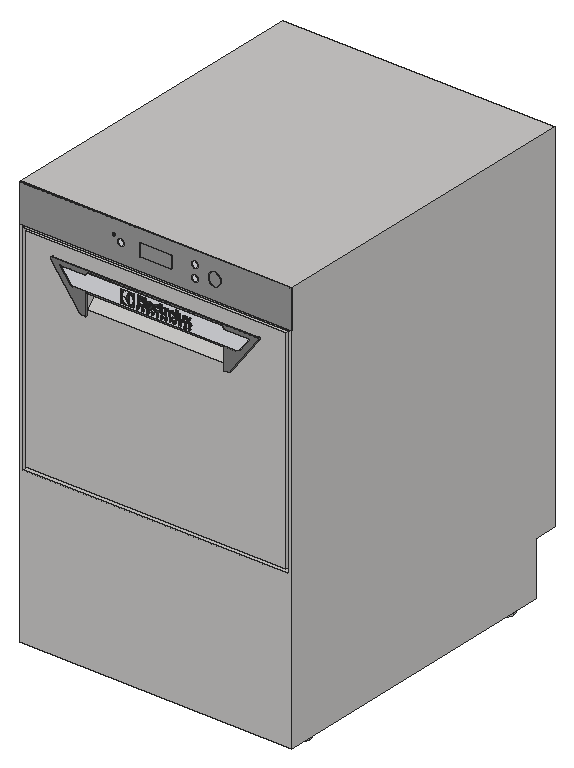
Revit family "QF_ELECTROLUXPROFESSIONAL_402188_ETGWSG1S", category Attrezzature speciali, Revit 2021 (continued)
Automatic sketch dimensions
  Extrusion 10 sketch curve to Extrusion 10 sketch curve = 0.427 mm  (x2)
  Extrusion 10 sketch curve to Extrusion 10 sketch curve = 2.809 mm
  Extrusion 10 sketch curve to plane 8 = 119.648 mm  (x2)
  Extrusion 10 sketch curve to Extrusion 10 sketch curve = 0.99 mm  (x4)
  Extrusion 10 sketch curve to plane 8 = 120.138 mm  (x2)
  Extrusion 10 sketch curve to Extrusion 10 sketch curve = 0.782 mm  (x3)
  Extrusion 10 sketch curve to Extrusion 10 sketch curve = 0.126 mm  (x2)
  Extrusion 10 sketch curve to Extrusion 10 sketch curve = 1.389 mm  (x2)
  Extrusion 10 sketch curve to plane 8 = 111.695 mm
  Extrusion 10 sketch curve to Extrusion 10 sketch curve = 2.039 mm
  Extrusion 10 sketch curve to Extrusion 10 sketch curve = 2.048 mm
  Extrusion 10 sketch curve to Extrusion 10 sketch curve = 2.085 mm
  Extrusion 10 sketch curve to Extrusion 10 sketch curve = 0.724 mm
  Extrusion 10 sketch curve to plane 8 = 113.977 mm
  Extrusion 10 sketch curve to Extrusion 10 sketch curve = 1.046 mm
  Extrusion 10 sketch curve to Extrusion 10 sketch curve = 2.251 mm
  Extrusion 10 sketch curve to Extrusion 10 sketch curve = 0.003 mm
  Extrusion 10 sketch curve to plane 8 = 109.679 mm
  Extrusion 10 sketch curve to Extrusion 10 sketch curve = 2.475 mm
  Extrusion 10 sketch curve to plane 8 = 105.048 mm
  Extrusion 10 sketch curve to Extrusion 10 sketch curve = 4.018 mm
  Extrusion 10 sketch curve to plane 8 = 112.517 mm
  Extrusion 10 sketch curve to Extrusion 10 sketch curve = 1.543 mm
  Extrusion 10 sketch curve to plane 8 = 110.92 mm
  Extrusion 10 sketch curve to Extrusion 10 sketch curve = 1.535 mm  (x2)
  Extrusion 10 sketch curve to plane 8 = 106.646 mm
  Extrusion 10 sketch curve to Extrusion 10 sketch curve = 3.932 mm
  Extrusion 10 sketch curve to Extrusion 10 sketch curve = 0.048 mm
  Extrusion 10 sketch curve to Extrusion 10 sketch curve = 0.138 mm
  Extrusion 10 sketch curve to Extrusion 10 sketch curve = 1.402 mm
  Extrusion 10 sketch curve to Extrusion 10 sketch curve = 0.206 mm  (x2)
  Extrusion 10 sketch curve to Extrusion 10 sketch curve = 2.128 mm
  Extrusion 10 sketch curve to plane 8 = 105.505 mm
  Extrusion 10 sketch curve to Extrusion 10 sketch curve = 2.656 mm  (x2)
  Extrusion 10 sketch curve to plane 8 = 103.243 mm
  Extrusion 10 sketch curve to plane 8 = 112.061 mm
  Extrusion 10 sketch curve to plane 8 = 114.323 mm
  Extrusion 10 sketch curve to plane 8 = 108.783 mm  (x2)
  Extrusion 10 sketch curve to Extrusion 10 sketch curve = 3.216 mm
  Extrusion 10 sketch curve to Extrusion 10 sketch curve = 4.222 mm
  Extrusion 10 sketch curve to Extrusion 10 sketch curve = 0.18 mm
  Extrusion 10 sketch curve to Extrusion 10 sketch curve = 2.469 mm
  Extrusion 10 sketch curve to plane 8 = 108.555 mm
  Extrusion 10 sketch curve to Extrusion 10 sketch curve = 1.28 mm
  Extrusion 10 sketch curve to Extrusion 10 sketch curve = 0.041 mm  (x2)
  Extrusion 10 sketch curve to Extrusion 10 sketch curve = 1.873 mm
  Extrusion 10 sketch curve to plane 8 = 112.414 mm
  Extrusion 10 sketch curve to Extrusion 10 sketch curve = 0.664 mm
  Extrusion 10 sketch curve to plane 8 = 110.961 mm
  Extrusion 10 sketch curve to plane 8 = 107.683 mm
  Extrusion 10 sketch curve to Extrusion 10 sketch curve = 2.531 mm
  Extrusion 10 sketch curve to plane 8 = 112.165 mm
  Extrusion 10 sketch curve to Extrusion 10 sketch curve = 2.822 mm
  Extrusion 10 sketch curve to plane 8 = 114.281 mm
  Extrusion 10 sketch curve to Extrusion 10 sketch curve = 0.083 mm
  Extrusion 10 sketch curve to plane 8 = 103.285 mm
  Extrusion 10 sketch curve to Extrusion 10 sketch curve = 2.635 mm
  Extrusion 10 sketch curve to plane 8 = 105.401 mm
  Extrusion 10 sketch curve to Extrusion 10 sketch curve = 2.946 mm  (x2)
  Extrusion 10 sketch curve to Extrusion 10 sketch curve = 0.062 mm
  Extrusion 10 sketch curve to plane 8 = 108.846 mm
  Extrusion 10 sketch curve to Extrusion 10 sketch curve = 2.511 mm
  Extrusion 10 sketch curve to Extrusion 10 sketch curve = 7.106 mm
  Extrusion 10 sketch curve to Extrusion 10 sketch curve = 6.354 mm
  Extrusion 10 sketch curve to Extrusion 10 sketch curve = 2.478 mm
  Extrusion 10 sketch curve to Extrusion 10 sketch curve = 1.161 mm
  Extrusion 10 sketch curve to plane 8 = 119.3 mm
  Extrusion 10 sketch curve to Extrusion 10 sketch curve = 0.033 mm
  Extrusion 10 sketch curve to Extrusion 10 sketch curve = 0.694 mm
  Extrusion 10 sketch curve to Extrusion 10 sketch curve = 0.106 mm  (x2)
  Extrusion 10 sketch curve to Extrusion 10 sketch curve = 0.021 mm  (x2)
  Extrusion 10 sketch curve to Extrusion 10 sketch curve = 0.09 mm
  Extrusion 10 sketch curve to Extrusion 10 sketch curve = 1.76 mm
  Extrusion 10 sketch curve to plane 8 = 119.634 mm
  Extrusion 10 sketch curve to Extrusion 10 sketch curve = 0.948 mm
  Extrusion 10 sketch curve to Extrusion 10 sketch curve = 1.933 mm
  Extrusion 10 sketch curve to Extrusion 10 sketch curve = 2.318 mm
  Extrusion 10 sketch curve to Extrusion 10 sketch curve = 0.781 mm
  Extrusion 10 sketch curve to Extrusion 10 sketch curve = 0.839 mm
  Extrusion 10 sketch curve to Extrusion 10 sketch curve = 4.563 mm
  Extrusion 10 sketch curve to plane 8 = 114.021 mm
  Extrusion 10 sketch curve to plane 8 = 113.951 mm
  Extrusion 10 sketch curve to Extrusion 10 sketch curve = 0.973 mm
  Extrusion 10 sketch curve to Extrusion 10 sketch curve = 2.047 mm
  Extrusion 10 sketch curve to Extrusion 10 sketch curve = 0.001 mm
  Extrusion 10 sketch curve to Extrusion 10 sketch curve = 2.138 mm
  Extrusion 10 sketch curve to Extrusion 10 sketch curve = 0.853 mm
  Extrusion 10 sketch curve to Extrusion 10 sketch curve = 0.895 mm
  Extrusion 10 sketch curve to Extrusion 10 sketch curve = 2.477 mm
  Extrusion 10 sketch curve to Extrusion 10 sketch curve = 5.807 mm
  Extrusion 10 sketch curve to Extrusion 10 sketch curve = 7.939 mm
  Extrusion 10 sketch curve to Extrusion 10 sketch curve = 1.78 mm
  Extrusion 10 sketch curve to Extrusion 10 sketch curve = 0.215 mm
  Extrusion 10 sketch curve to Extrusion 10 sketch curve = 0.042 mm
  Extrusion 10 sketch curve to Extrusion 10 sketch curve = 6.738 mm
  Extrusion 10 sketch curve to Extrusion 10 sketch curve = 9.216 mm  (x2)
  Extrusion 10 sketch curve to Extrusion 10 sketch curve = 3.22 mm
  Extrusion 10 sketch curve to Extrusion 10 sketch curve = 3.518 mm
  Extrusion 10 sketch curve to Extrusion 10 sketch curve = 54.794 mm
  Extrusion 10 sketch curve to Extrusion 10 sketch curve = 7.314 mm
  Extrusion 10 sketch curve to Extrusion 10 sketch curve = 3.648 mm  (x2)
  Extrusion 10 sketch curve to Extrusion 10 sketch curve = 4.122 mm
  Extrusion 10 sketch curve to Extrusion 10 sketch curve = 3.598 mm  (x2)
  Extrusion 10 sketch curve to Extrusion 10 sketch curve = 1.632 mm
  Extrusion 10 sketch curve to Extrusion 10 sketch curve = 4.176 mm
  Extrusion 10 sketch curve to Extrusion 10 sketch curve = 1.127 mm
  Extrusion 10 sketch curve to Extrusion 10 sketch curve = 0.787 mm
  Extrusion 10 sketch curve to Extrusion 10 sketch curve = 0.856 mm
  Extrusion 10 sketch curve to Extrusion 10 sketch curve = 0.934 mm
  Extrusion 10 sketch curve to Extrusion 10 sketch curve = 0.941 mm  (x3)
  Extrusion 10 sketch curve to Extrusion 10 sketch curve = 1.073 mm
  Extrusion 10 sketch curve to Extrusion 10 sketch curve = 0.537 mm  (x2)
  Extrusion 10 sketch curve to Extrusion 10 sketch curve = 0.25 mm
  Extrusion 10 sketch curve to Extrusion 10 sketch curve = 0.311 mm  (x2)
  Extrusion 10 sketch curve to Extrusion 10 sketch curve = 0.031 mm
  Extrusion 10 sketch curve to Extrusion 10 sketch curve = 1.686 mm
  Extrusion 10 sketch curve to Extrusion 10 sketch curve = 0.082 mm
  Extrusion 10 sketch curve to Extrusion 10 sketch curve = 1.753 mm
  Extrusion 10 sketch curve to Extrusion 10 sketch curve = 0.014 mm  (x2)
  Extrusion 10 sketch curve to Extrusion 10 sketch curve = 0.109 mm  (x2)
  Extrusion 10 sketch curve to Extrusion 10 sketch curve = 0.018 mm  (x2)
  Extrusion 10 sketch curve to Extrusion 10 sketch curve = 2.046 mm
  Extrusion 10 sketch curve to Extrusion 10 sketch curve = 1.021 mm
  Extrusion 10 sketch curve to Extrusion 10 sketch curve = 0.827 mm
  Extrusion 10 sketch curve to Extrusion 10 sketch curve = 4.496 mm
  Extrusion 10 sketch curve to Extrusion 10 sketch curve = 4.443 mm
  Extrusion 10 sketch curve to Extrusion 10 sketch curve = 1.66 mm
  Extrusion 10 sketch curve to Extrusion 10 sketch curve = 0.631 mm  (x2)
  Extrusion 10 sketch curve to Extrusion 10 sketch curve = 1.016 mm
  Extrusion 10 sketch curve to Extrusion 10 sketch curve = 0.313 mm  (x2)
  Extrusion 10 sketch curve to Extrusion 10 sketch curve = 0.94 mm  (x3)
  Extrusion 10 sketch curve to Extrusion 10 sketch curve = 0.163 mm  (x2)
  Extrusion 10 sketch curve to Extrusion 10 sketch curve = 1.847 mm
  Extrusion 10 sketch curve to Extrusion 10 sketch curve = 0.192 mm  (x2)
  Extrusion 10 sketch curve to Extrusion 10 sketch curve = 0.704 mm
  Extrusion 10 sketch curve to Extrusion 10 sketch curve = 0.686 mm
  Extrusion 10 sketch curve to Extrusion 10 sketch curve = 0.002 mm
  Extrusion 10 sketch curve to Extrusion 10 sketch curve = 0.077 mm  (x2)
  Extrusion 10 sketch curve to Extrusion 10 sketch curve = 0.865 mm
  Extrusion 10 sketch curve to Extrusion 10 sketch curve = 1.05 mm
  Extrusion 10 sketch curve to Extrusion 10 sketch curve = 0.337 mm  (x2)
  Extrusion 10 sketch curve to Extrusion 10 sketch curve = 1.955 mm
  Extrusion 10 sketch curve to Extrusion 10 sketch curve = 2.265 mm  (x2)
  Extrusion 10 sketch curve to Extrusion 10 sketch curve = 0.004 mm  (x2)
  Extrusion 10 sketch curve to Extrusion 10 sketch curve = 2.182 mm
  Extrusion 10 sketch curve to Extrusion 10 sketch curve = 2.329 mm
  Extrusion 10 sketch curve to Extrusion 10 sketch curve = 0.132 mm
  Extrusion 10 sketch curve to Extrusion 10 sketch curve = 0.034 mm
  Extrusion 10 sketch curve to Extrusion 10 sketch curve = 4.131 mm
  Extrusion 10 sketch curve to Extrusion 10 sketch curve = 1.129 mm
  Extrusion 10 sketch curve to Extrusion 10 sketch curve = 0.166 mm
  Extrusion 10 sketch curve to Extrusion 10 sketch curve = 0.141 mm
  Extrusion 10 sketch curve to Extrusion 10 sketch curve = 2.155 mm
  Extrusion 10 sketch curve to Extrusion 10 sketch curve = 0.871 mm
  Extrusion 10 sketch curve to Extrusion 10 sketch curve = 2.788 mm
  Extrusion 10 sketch curve to Extrusion 10 sketch curve = 1.833 mm
  Extrusion 10 sketch curve to Extrusion 10 sketch curve = 1.273 mm
  Extrusion 10 sketch curve to Extrusion 10 sketch curve = 2.637 mm
  Extrusion 10 sketch curve to Extrusion 10 sketch curve = 0.103 mm
  Extrusion 10 sketch curve to Extrusion 10 sketch curve = 3.672 mm
  Extrusion 10 sketch curve to Extrusion 10 sketch curve = 2.338 mm
  Extrusion 10 sketch curve to Extrusion 10 sketch curve = 0.6 mm
  Extrusion 10 sketch curve to Extrusion 10 sketch curve = 1.548 mm
  Extrusion 10 sketch curve to Extrusion 10 sketch curve = 2.252 mm
  Extrusion 10 sketch curve to Extrusion 10 sketch curve = 2.396 mm
  Extrusion 10 sketch curve to Extrusion 10 sketch curve = 1.409 mm
  Extrusion 10 sketch curve to Extrusion 10 sketch curve = 3.403 mm
  Extrusion 10 sketch curve to Extrusion 10 sketch curve = 2.331 mm
  Extrusion 10 sketch curve to Extrusion 10 sketch curve = 3.986 mm
  Extrusion 10 sketch curve to Extrusion 10 sketch curve = 3.987 mm
  Extrusion 10 sketch curve to Extrusion 10 sketch curve = 1.246 mm  (x2)
  Extrusion 10 sketch curve to Extrusion 10 sketch curve = 1.098 mm  (x2)
  Extrusion 10 sketch curve to Extrusion 10 sketch curve = 0.822 mm  (x2)
  Extrusion 10 sketch curve to Extrusion 10 sketch curve = 0.263 mm  (x2)
  Extrusion 10 sketch curve to Extrusion 10 sketch curve = 0.49 mm  (x2)
  Extrusion 10 sketch curve to Extrusion 10 sketch curve = 0.278 mm  (x2)
  Extrusion 10 sketch curve to Extrusion 10 sketch curve = 0.257 mm  (x2)
  Extrusion 10 sketch curve to Extrusion 10 sketch curve = 0.125 mm  (x2)
  Extrusion 12 sketch curve to Extrusion 12 sketch curve = 0 mm  (x29)
  Extrusion 12 sketch curve to plane 8 = 114.024 mm  (x3)
  plane 4 "LEFT" to Extrusion 12 sketch curve = 288.569 mm
  Extrusion 12 sketch curve to plane 8 = 103.615 mm  (x2)
  Extrusion 12 sketch curve to Extrusion 12 sketch curve = 0.351 mm
  Extrusion 12 sketch curve to Extrusion 12 sketch curve = 0.877 mm
  Extrusion 12 sketch curve to plane 8 = 105.873 mm
  Extrusion 12 sketch curve to Extrusion 12 sketch curve = 1.658 mm
  Extrusion 12 sketch curve to plane 8 = 110.695 mm
  Extrusion 12 sketch curve to Extrusion 12 sketch curve = 2.381 mm
  Extrusion 12 sketch curve to Extrusion 12 sketch curve = 2.664 mm
  Extrusion 12 sketch curve to Extrusion 12 sketch curve = 1.914 mm
  Extrusion 12 sketch curve to Extrusion 12 sketch curve = 1.048 mm
  Extrusion 12 sketch curve to Extrusion 12 sketch curve = 1.023 mm  (x6)
  Extrusion 12 sketch curve to plane 8 = 108.51 mm
  Extrusion 12 sketch curve to Extrusion 12 sketch curve = 1.563 mm
  Extrusion 12 sketch curve to plane 8 = 110.348 mm
  Extrusion 12 sketch curve to Extrusion 12 sketch curve = 1.364 mm  (x2)
  Extrusion 12 sketch curve to plane 8 = 106.733 mm
  Extrusion 12 sketch curve to plane 8 = 108.53 mm
  Extrusion 12 sketch curve to Extrusion 12 sketch curve = 1.363 mm
  Extrusion 12 sketch curve to Extrusion 12 sketch curve = 2.272 mm
  Extrusion 12 sketch curve to plane 8 = 121.266 mm  (x3)
  Extrusion 12 sketch curve to Extrusion 12 sketch curve = 4.059 mm
  Extrusion 12 sketch curve to Extrusion 12 sketch curve = 2.643 mm
  Extrusion 12 sketch curve to plane 8 = 105.721 mm
  Extrusion 12 sketch curve to Extrusion 12 sketch curve = 1.145 mm
  Extrusion 12 sketch curve to plane 8 = 111.528 mm
  Extrusion 12 sketch curve to Extrusion 12 sketch curve = 0.872 mm
  Extrusion 12 sketch curve to Extrusion 12 sketch curve = 1.1 mm
  Extrusion 12 sketch curve to Extrusion 12 sketch curve = 0.485 mm  (x2)
  Extrusion 12 sketch curve to Extrusion 12 sketch curve = 0.459 mm  (x4)
  Extrusion 12 sketch curve to Extrusion 12 sketch curve = 1.54 mm
  Extrusion 12 sketch curve to plane 8 = 116.289 mm
  Extrusion 12 sketch curve to Extrusion 12 sketch curve = 0.461 mm  (x2)
  Extrusion 12 sketch curve to plane 8 = 118.15 mm
  Extrusion 12 sketch curve to Extrusion 12 sketch curve = 0.238 mm
  Extrusion 12 sketch curve to plane 8 = 119.171 mm
  Extrusion 12 sketch curve to Extrusion 12 sketch curve = 0.922 mm
  Extrusion 12 sketch curve to plane 8 = 109.831 mm
  Extrusion 12 sketch curve to Extrusion 12 sketch curve = 2.935 mm
  Extrusion 12 sketch curve to Extrusion 12 sketch curve = 1.099 mm
  Extrusion 12 sketch curve to Extrusion 12 sketch curve = 2.498 mm
  Extrusion 12 sketch curve to plane 8 = 112.021 mm
  Extrusion 12 sketch curve to Extrusion 12 sketch curve = 2.273 mm
  Extrusion 12 sketch curve to plane 8 = 114.293 mm
  Extrusion 12 sketch curve to Extrusion 12 sketch curve = 0.02 mm
  Extrusion 12 sketch curve to Extrusion 12 sketch curve = 0.393 mm  (x3)
  Extrusion 12 sketch curve to Extrusion 12 sketch curve = 0.995 mm
  Extrusion 12 sketch curve to plane 8 = 119.513 mm
  Extrusion 12 sketch curve to Extrusion 12 sketch curve = 0.039 mm  (x2)
  Extrusion 12 sketch curve to Extrusion 12 sketch curve = 4.544 mm
  Extrusion 12 sketch curve to plane 8 = 118.137 mm
  Extrusion 12 sketch curve to Extrusion 12 sketch curve = 2.238 mm
  Extrusion 12 sketch curve to Extrusion 12 sketch curve = 1.034 mm
  Extrusion 12 sketch curve to Extrusion 12 sketch curve = 2.499 mm
  Extrusion 12 sketch curve to Extrusion 12 sketch curve = 1.948 mm
  Extrusion 12 sketch curve to Extrusion 12 sketch curve = 2.48 mm
  Extrusion 12 sketch curve to plane 8 = 108.819 mm  (x4)
  Extrusion 12 sketch curve to Extrusion 12 sketch curve = 1.524 mm
  Extrusion 12 sketch curve to Extrusion 12 sketch curve = 2.438 mm
  Extrusion 12 sketch curve to Extrusion 12 sketch curve = 2.458 mm  (x2)
  Extrusion 12 sketch curve to plane 8 = 105.556 mm
  Extrusion 12 sketch curve to Extrusion 12 sketch curve = 3.221 mm  (x2)
  Extrusion 12 sketch curve to plane 8 = 114.334 mm
  Extrusion 12 sketch curve to plane 8 = 112.083 mm
  Extrusion 12 sketch curve to plane 8 = 103.305 mm
  Extrusion 12 sketch curve to Extrusion 12 sketch curve = 2.133 mm
  Extrusion 12 sketch curve to Extrusion 12 sketch curve = 3.222 mm
  Extrusion 12 sketch curve to Extrusion 12 sketch curve = 2.459 mm
  Extrusion 12 sketch curve to Extrusion 12 sketch curve = 0.379 mm
  Extrusion 12 sketch curve to plane 8 = 105.762 mm
  Extrusion 12 sketch curve to Extrusion 12 sketch curve = 1.033 mm
  Extrusion 12 sketch curve to plane 8 = 117.09 mm  (x2)
  Extrusion 12 sketch curve to Extrusion 12 sketch curve = 4.456 mm
  Extrusion 12 sketch curve to plane 8 = 117.595 mm  (x2)
  Extrusion 12 sketch curve to Extrusion 12 sketch curve = 0.735 mm  (x2)
  Extrusion 12 sketch curve to Extrusion 12 sketch curve = 0.432 mm  (x2)
  Extrusion 12 sketch curve to Extrusion 12 sketch curve = 0.445 mm  (x2)
  Extrusion 12 sketch curve to Extrusion 12 sketch curve = 0.209 mm  (x2)
  Extrusion 12 sketch curve to Extrusion 12 sketch curve = 0.236 mm  (x2)
  Extrusion 12 sketch curve to Extrusion 12 sketch curve = 0.12 mm  (x2)
  Extrusion 12 sketch curve to Extrusion 12 sketch curve = 0.365 mm  (x2)
  Extrusion 12 sketch curve to Extrusion 12 sketch curve = 0.007 mm  (x2)
  Extrusion 12 sketch curve to Extrusion 12 sketch curve = 0.164 mm  (x4)
  Extrusion 12 sketch curve to Extrusion 12 sketch curve = 0.093 mm  (x2)
  Extrusion 12 sketch curve to Extrusion 12 sketch curve = 0.137 mm  (x2)
  Extrusion 12 sketch curve to Extrusion 12 sketch curve = 0.009 mm  (x5)
  Extrusion 12 sketch curve to Extrusion 12 sketch curve = 0.168 mm  (x2)
  Extrusion 12 sketch curve to Extrusion 12 sketch curve = 0.079 mm  (x2)
  Extrusion 12 sketch curve to Extrusion 12 sketch curve = 0.094 mm  (x2)
  Extrusion 12 sketch curve to Extrusion 12 sketch curve = 0.427 mm  (x2)
  Extrusion 12 sketch curve to Extrusion 12 sketch curve = 0.886 mm
  Extrusion 12 sketch curve to Extrusion 12 sketch curve = 2.809 mm
  Extrusion 12 sketch curve to plane 8 = 119.648 mm  (x2)
  Extrusion 12 sketch curve to Extrusion 12 sketch curve = 0.99 mm  (x4)
  Extrusion 12 sketch curve to plane 8 = 120.138 mm  (x2)
  Extrusion 12 sketch curve to Extrusion 12 sketch curve = 0.782 mm  (x3)
  Extrusion 12 sketch curve to Extrusion 12 sketch curve = 0.126 mm  (x2)
  Extrusion 12 sketch curve to Extrusion 12 sketch curve = 1.389 mm  (x2)
  Extrusion 12 sketch curve to plane 8 = 111.695 mm
  Extrusion 12 sketch curve to Extrusion 12 sketch curve = 2.039 mm
  Extrusion 12 sketch curve to Extrusion 12 sketch curve = 2.048 mm
  Extrusion 12 sketch curve to Extrusion 12 sketch curve = 2.085 mm
  Extrusion 12 sketch curve to Extrusion 12 sketch curve = 0.724 mm
  Extrusion 12 sketch curve to plane 8 = 113.977 mm
  Extrusion 12 sketch curve to Extrusion 12 sketch curve = 1.046 mm
  Extrusion 12 sketch curve to Extrusion 12 sketch curve = 2.251 mm
  Extrusion 12 sketch curve to Extrusion 12 sketch curve = 2.301 mm
  Extrusion 12 sketch curve to plane 8 = 109.679 mm
  Extrusion 12 sketch curve to Extrusion 12 sketch curve = 2.475 mm
  Extrusion 12 sketch curve to plane 8 = 105.048 mm
  Extrusion 12 sketch curve to Extrusion 12 sketch curve = 4.018 mm
  Extrusion 12 sketch curve to plane 8 = 112.517 mm
  Extrusion 12 sketch curve to Extrusion 12 sketch curve = 1.543 mm
  Extrusion 12 sketch curve to plane 8 = 110.92 mm
  Extrusion 12 sketch curve to Extrusion 12 sketch curve = 1.535 mm  (x2)
  Extrusion 12 sketch curve to plane 8 = 106.646 mm
  Extrusion 12 sketch curve to Extrusion 12 sketch curve = 3.932 mm
  Extrusion 12 sketch curve to Extrusion 12 sketch curve = 0.048 mm
  Extrusion 12 sketch curve to Extrusion 12 sketch curve = 0.187 mm
  Extrusion 12 sketch curve to Extrusion 12 sketch curve = 1.402 mm
  Extrusion 12 sketch curve to Extrusion 12 sketch curve = 0.206 mm  (x2)
  Extrusion 12 sketch curve to Extrusion 12 sketch curve = 0.569 mm
  Extrusion 12 sketch curve to plane 8 = 105.505 mm
  Extrusion 12 sketch curve to Extrusion 12 sketch curve = 2.656 mm  (x2)
  Extrusion 12 sketch curve to plane 8 = 103.243 mm
  Extrusion 12 sketch curve to plane 8 = 112.061 mm
  Extrusion 12 sketch curve to plane 8 = 114.323 mm
  Extrusion 12 sketch curve to plane 8 = 108.783 mm  (x2)
  Extrusion 12 sketch curve to Extrusion 12 sketch curve = 3.216 mm
  Extrusion 12 sketch curve to Extrusion 12 sketch curve = 4.222 mm
  Extrusion 12 sketch curve to Extrusion 12 sketch curve = 0.18 mm
  Extrusion 12 sketch curve to Extrusion 12 sketch curve = 2.469 mm
  Extrusion 12 sketch curve to plane 8 = 108.555 mm
  Extrusion 12 sketch curve to Extrusion 12 sketch curve = 1.28 mm
  Extrusion 12 sketch curve to plane 8 = 109.426 mm
  Extrusion 12 sketch curve to Extrusion 12 sketch curve = 0.041 mm  (x2)
  Extrusion 12 sketch curve to Extrusion 12 sketch curve = 1.873 mm
  Extrusion 12 sketch curve to plane 8 = 112.414 mm
  Extrusion 12 sketch curve to Extrusion 12 sketch curve = 0.664 mm
  Extrusion 12 sketch curve to plane 8 = 110.961 mm
  Extrusion 12 sketch curve to Extrusion 12 sketch curve = 1.494 mm
  Extrusion 12 sketch curve to plane 8 = 107.683 mm
  Extrusion 12 sketch curve to Extrusion 12 sketch curve = 2.531 mm
  Extrusion 12 sketch curve to plane 8 = 112.165 mm
  Extrusion 12 sketch curve to Extrusion 12 sketch curve = 2.822 mm
  Extrusion 12 sketch curve to plane 8 = 114.281 mm
  Extrusion 12 sketch curve to Extrusion 12 sketch curve = 0.083 mm
  Extrusion 12 sketch curve to plane 8 = 105.401 mm
  Extrusion 12 sketch curve to Extrusion 12 sketch curve = 2.635 mm
  Extrusion 12 sketch curve to plane 8 = 103.285 mm
  Extrusion 12 sketch curve to Extrusion 12 sketch curve = 2.946 mm  (x2)
  Extrusion 12 sketch curve to Extrusion 12 sketch curve = 0.062 mm
  Extrusion 12 sketch curve to plane 8 = 108.846 mm
  Extrusion 12 sketch curve to Extrusion 12 sketch curve = 2.511 mm
  Extrusion 12 sketch curve to Extrusion 12 sketch curve = 7.106 mm
  Extrusion 12 sketch curve to Extrusion 12 sketch curve = 6.354 mm
  Extrusion 12 sketch curve to Extrusion 12 sketch curve = 2.478 mm  (x2)
  Extrusion 12 sketch curve to Extrusion 12 sketch curve = 1.161 mm
  Extrusion 12 sketch curve to plane 8 = 119.3 mm
  Extrusion 12 sketch curve to Extrusion 12 sketch curve = 0.033 mm
  Extrusion 12 sketch curve to Extrusion 12 sketch curve = 0.694 mm
  Extrusion 12 sketch curve to Extrusion 12 sketch curve = 0.106 mm
  Extrusion 12 sketch curve to Extrusion 12 sketch curve = 0.021 mm  (x2)
  Extrusion 12 sketch curve to Extrusion 12 sketch curve = 0.09 mm
  Extrusion 12 sketch curve to Extrusion 12 sketch curve = 1.76 mm
  Extrusion 12 sketch curve to plane 8 = 119.634 mm
  Extrusion 12 sketch curve to Extrusion 12 sketch curve = 0.948 mm
  Extrusion 12 sketch curve to Extrusion 12 sketch curve = 1.933 mm
  Extrusion 12 sketch curve to Extrusion 12 sketch curve = 2.318 mm
  Extrusion 12 sketch curve to Extrusion 12 sketch curve = 0.908 mm
  Extrusion 12 sketch curve to plane 8 = 119.552 mm
  Extrusion 12 sketch curve to Extrusion 12 sketch curve = 0.781 mm
  Extrusion 12 sketch curve to Extrusion 12 sketch curve = 4.563 mm
  Extrusion 12 sketch curve to plane 8 = 113.951 mm
  Extrusion 12 sketch curve to Extrusion 12 sketch curve = 0.973 mm
  Extrusion 12 sketch curve to plane 8 = 109.537 mm
  Extrusion 12 sketch curve to Extrusion 12 sketch curve = 2.047 mm
  Extrusion 12 sketch curve to Extrusion 12 sketch curve = 0.001 mm
  Extrusion 12 sketch curve to Extrusion 12 sketch curve = 2.138 mm
  Extrusion 12 sketch curve to Extrusion 12 sketch curve = 0.895 mm
  Extrusion 12 sketch curve to Extrusion 12 sketch curve = 0.853 mm
  Extrusion 12 sketch curve to plane 8 = 109.431 mm
  Extrusion 12 sketch curve to Extrusion 12 sketch curve = 5.283 mm
  Extrusion 12 sketch curve to Extrusion 12 sketch curve = 7.939 mm
  Extrusion 12 sketch curve to Extrusion 12 sketch curve = 1.78 mm
  Extrusion 12 sketch curve to Extrusion 12 sketch curve = 0.215 mm
  Extrusion 12 sketch curve to Extrusion 12 sketch curve = 0.042 mm
  Extrusion 12 sketch curve to Extrusion 12 sketch curve = 6.738 mm
  Extrusion 12 sketch curve to Extrusion 12 sketch curve = 9.216 mm  (x2)
  Extrusion 12 sketch curve to Extrusion 12 sketch curve = 3.22 mm
  Extrusion 12 sketch curve to Extrusion 12 sketch curve = 3.518 mm
  Extrusion 12 sketch curve to Extrusion 12 sketch curve = 7.314 mm
  Extrusion 12 sketch curve to Extrusion 12 sketch curve = 1.714 mm
  Extrusion 12 sketch curve to Extrusion 12 sketch curve = 3.648 mm  (x2)
  Extrusion 12 sketch curve to Extrusion 12 sketch curve = 3.598 mm  (x2)
  Extrusion 12 sketch curve to Extrusion 12 sketch curve = 4.176 mm
  Extrusion 12 sketch curve to Extrusion 12 sketch curve = 1.127 mm
  Extrusion 12 sketch curve to Extrusion 12 sketch curve = 3.129 mm
  Extrusion 12 sketch curve to Extrusion 12 sketch curve = 1.753 mm
  Extrusion 12 sketch curve to Extrusion 12 sketch curve = 0.787 mm
  Extrusion 12 sketch curve to Extrusion 12 sketch curve = 0.856 mm
  Extrusion 12 sketch curve to Extrusion 12 sketch curve = 0.934 mm
  Extrusion 12 sketch curve to Extrusion 12 sketch curve = 0.941 mm  (x3)
  Extrusion 12 sketch curve to Extrusion 12 sketch curve = 1.021 mm
  Extrusion 12 sketch curve to Extrusion 12 sketch curve = 0.537 mm  (x2)
  Extrusion 12 sketch curve to Extrusion 12 sketch curve = 0.25 mm
  Extrusion 12 sketch curve to Extrusion 12 sketch curve = 0.311 mm  (x2)
  Extrusion 12 sketch curve to Extrusion 12 sketch curve = 0.031 mm
  Extrusion 12 sketch curve to Extrusion 12 sketch curve = 1.686 mm
  Extrusion 12 sketch curve to Extrusion 12 sketch curve = 0.014 mm  (x2)
  Extrusion 12 sketch curve to Extrusion 12 sketch curve = 0.109 mm  (x2)
  Extrusion 12 sketch curve to Extrusion 12 sketch curve = 0.018 mm  (x2)
  Extrusion 12 sketch curve to Extrusion 12 sketch curve = 2.046 mm
  Extrusion 12 sketch curve to Extrusion 12 sketch curve = 0.827 mm
  Extrusion 12 sketch curve to Extrusion 12 sketch curve = 4.496 mm
  Extrusion 12 sketch curve to Extrusion 12 sketch curve = 4.443 mm
  Extrusion 12 sketch curve to Extrusion 12 sketch curve = 1.66 mm
  Extrusion 12 sketch curve to Extrusion 12 sketch curve = 0.631 mm  (x2)
  Extrusion 12 sketch curve to Extrusion 12 sketch curve = 1.016 mm
  Extrusion 12 sketch curve to Extrusion 12 sketch curve = 0.313 mm  (x2)
  Extrusion 12 sketch curve to Extrusion 12 sketch curve = 0.94 mm  (x3)
  Extrusion 12 sketch curve to Extrusion 12 sketch curve = 0.163 mm  (x2)
  Extrusion 12 sketch curve to Extrusion 12 sketch curve = 0.192 mm  (x2)
  Extrusion 12 sketch curve to Extrusion 12 sketch curve = 0.704 mm
  Extrusion 12 sketch curve to Extrusion 12 sketch curve = 0.686 mm
  Extrusion 12 sketch curve to Extrusion 12 sketch curve = 0.002 mm
  Extrusion 12 sketch curve to Extrusion 12 sketch curve = 0.077 mm  (x2)
  Extrusion 12 sketch curve to Extrusion 12 sketch curve = 0.865 mm
  Extrusion 12 sketch curve to Extrusion 12 sketch curve = 1.05 mm
  Extrusion 12 sketch curve to Extrusion 12 sketch curve = 0.337 mm  (x2)
  Extrusion 12 sketch curve to Extrusion 12 sketch curve = 2.265 mm  (x2)
  Extrusion 12 sketch curve to Extrusion 12 sketch curve = 1.996 mm
  Extrusion 12 sketch curve to Extrusion 12 sketch curve = 1.955 mm
  Extrusion 12 sketch curve to Extrusion 12 sketch curve = 1.847 mm
  Extrusion 12 sketch curve to Extrusion 12 sketch curve = 3.869 mm
  Extrusion 12 sketch curve to Extrusion 12 sketch curve = 0.004 mm  (x2)
  Extrusion 12 sketch curve to Extrusion 12 sketch curve = 2.329 mm
  Extrusion 12 sketch curve to Extrusion 12 sketch curve = 0.132 mm
  Extrusion 12 sketch curve to Extrusion 12 sketch curve = 0.034 mm
  Extrusion 12 sketch curve to Extrusion 12 sketch curve = 4.131 mm
  Extrusion 12 sketch curve to Extrusion 12 sketch curve = 1.129 mm
  Extrusion 12 sketch curve to Extrusion 12 sketch curve = 0.166 mm
  Extrusion 12 sketch curve to Extrusion 12 sketch curve = 0.141 mm
  Extrusion 12 sketch curve to Extrusion 12 sketch curve = 2.788 mm
  Extrusion 12 sketch curve to Extrusion 12 sketch curve = 1.833 mm
  Extrusion 12 sketch curve to Extrusion 12 sketch curve = 1.273 mm
  Extrusion 12 sketch curve to Extrusion 12 sketch curve = 2.637 mm
  Extrusion 12 sketch curve to Extrusion 12 sketch curve = 0.103 mm
  Extrusion 12 sketch curve to Extrusion 12 sketch curve = 3.672 mm
  Extrusion 12 sketch curve to Extrusion 12 sketch curve = 2.338 mm
  Extrusion 12 sketch curve to Extrusion 12 sketch curve = 0.6 mm
  Extrusion 12 sketch curve to Extrusion 12 sketch curve = 1.548 mm
  Extrusion 12 sketch curve to Extrusion 12 sketch curve = 6.073 mm
  Extrusion 12 sketch curve to Extrusion 12 sketch curve = 2.252 mm
  Extrusion 12 sketch curve to Extrusion 12 sketch curve = 2.396 mm
  Extrusion 12 sketch curve to Extrusion 12 sketch curve = 1.409 mm
  Extrusion 12 sketch curve to Extrusion 12 sketch curve = 3.403 mm
  Extrusion 12 sketch curve to Extrusion 12 sketch curve = 0.89 mm
  Extrusion 12 sketch curve to Extrusion 12 sketch curve = 2.331 mm
  Extrusion 12 sketch curve to Extrusion 12 sketch curve = 3.986 mm
  Extrusion 12 sketch curve to Extrusion 12 sketch curve = 3.987 mm
  Extrusion 12 sketch curve to Extrusion 12 sketch curve = 1.246 mm  (x2)
  Extrusion 12 sketch curve to Extrusion 12 sketch curve = 1.098 mm  (x2)
  Extrusion 12 sketch curve to Extrusion 12 sketch curve = 0.822 mm  (x2)
  Extrusion 12 sketch curve to Extrusion 12 sketch curve = 0.263 mm  (x2)
  Extrusion 12 sketch curve to Extrusion 12 sketch curve = 0.49 mm  (x2)
  Extrusion 12 sketch curve to Extrusion 12 sketch curve = 0.278 mm  (x2)
  Extrusion 12 sketch curve to Extrusion 12 sketch curve = 0.257 mm  (x2)
  Extrusion 12 sketch curve to Extrusion 12 sketch curve = 0.125 mm  (x2)
  Extrusion 13 sketch curve to plane 8 = 0 mm
  Extrusion 13 sketch curve to plane 4 "LEFT" = 0 mm
  Extrusion 13 sketch curve to plane 5 "RIGHT" = 0 mm
  Extrusion 13 sketch curve to plane 8 = 64.303 mm
  Extrusion 14 sketch curve to plane 6 "FRONT" = 0 mm
  plane 11 "2" to Extrusion 14 sketch curve = 19.494 mm
  Extrusion 14 sketch curve to plane 8 = 132.753 mm
  Extrusion 14 sketch curve to Extrusion 14 sketch curve = 40 mm
  Extrusion 14 sketch curve to Extrusion 14 sketch curve = 20.494 mm
  Extrusion 1 sketch curve to plane 10 = 0 mm
  Extrusion 2 sketch curve to plane 10 = 0 mm
  plane 4 "LEFT" to Extrusion 3 sketch curve = 19.5 mm  (x2)
  Extrusion 3 sketch curve to plane 5 "RIGHT" = 19.5 mm  (x2)
  plane 11 "2" to Extrusion 3 sketch curve = 46 mm  (x2)
  Extrusion 3 sketch curve to plane 10 = 38 mm  (x2)
  Extrusion 4 sketch curve to Extrusion 1 = 5 mm  (x2)
  Extrusion 4 sketch curve to Extrusion 1 = 260 mm
  Extrusion 4 sketch curve to Extrusion 1 = 65.855 mm
  Extrusion 8 sketch curve to plane 6 "FRONT" = 0 mm
  plane 11 "2" to Extrusion 8 sketch curve = 26.448 mm
  plane 9 to Extrusion 8 sketch curve = 265 mm
  Extrusion 8 sketch curve to plane 8 = 70.9 mm
  Extrusion 11 sketch curve to plane 6 "FRONT" = 0 mm
  plane 11 "2" to Extrusion 11 sketch curve = 28.894 mm
  plane 9 to Extrusion 11 sketch curve = 265 mm
  Extrusion 11 sketch curve to Extrusion 11 sketch curve = 407.138 mm
  Extrusion 11 sketch curve to Extrusion 11 sketch curve = 91.839 mm
  curve 3 to plane 4 "LEFT" = 0 mm
  curve 9 to plane 6 "FRONT" = 0 mm
  curve 7 to plane 6 "FRONT" = 0 mm
  curve 1 to plane 5 "RIGHT" = 0 mm
  curve 2 to plane 7 "BACK" = 0 mm
  curve 2 to curve 9 = 5 mm
  plane 4 "LEFT" to curve 7 = 10 mm
  plane 11 "2" to curve 13 = 19.494 mm
  curve 7 to curve 13 = 102.5 mm
  curve 12 to plane 5 "RIGHT" = 112.5 mm
  curve 5 to plane 5 "RIGHT" = 10 mm
  curve 11 to plane 5 "RIGHT" = 5 mm
  plane 11 "2" to curve 11 = 29 mm
  radius of Extrusion 5 sketch curve = 10 mm
  radius of Extrusion 6 sketch curve = 8 mm
  radius of Extrusion 7 sketch curve = 8 mm
  radius of Extrusion 10 sketch curve = 2.585 mm  (x2)
  radius of Extrusion 10 sketch curve = 1.64 mm
  radius of Extrusion 10 sketch curve = 1.548 mm
  radius of Extrusion 12 sketch curve = 2.585 mm  (x2)
  radius of Extrusion 12 sketch curve = 1.64 mm
  radius of Extrusion 12 sketch curve = 1.548 mm
  radius of Extrusion 3 sketch curve = 12.5 mm  (x4)
Nested families
  nested 1: "GW_ControlPanel" at (-0.368, -274.5, 667.849), type "GW_ControlPanel"
Connectors
  piping at (3.5, 275, 59), diameter 29, driven by "Direct Waste Size"
    settings: on Extrusion 5, index 1, connector inside diameter 609.6 mm, connector length 0 mm, flow factor 0, pipe flow 0.0 L/s, pressure drop 0.0 Pa, fitting loss kfactor 0, connector angle 0.00°, fixture units 0, engagement length 0 mm, angle of deflection 0.00°, flow configuration 1, flow direction 1, fitting loss method 0, system type 16, joint type 0, gender type 0, connector reference index -1, connector utility 0, adjustable connector no, is connector primary yes, connector description "Drain"
  piping at (-107.5, 275, 59), diameter 19.05, driven by "Cold Water Size"
    settings: on Extrusion 6, index 3, connector inside diameter 609.6 mm, connector length 0 mm, flow factor 0, pipe flow 0.0 L/s, pressure drop 0.0 Pa, fitting loss kfactor 0, connector angle 0.00°, fixture units 0, engagement length 0 mm, angle of deflection 0.00°, flow configuration 1, flow direction 1, fitting loss method 0, system type 20, joint type 0, gender type 0, connector reference index -1, connector utility 0, adjustable connector no, is connector primary no, connector description "Cold Water Inlet"
  electrical at (-37.5, 275, 19.5), driven by "Volts"
    settings: on Extrusion 7, index 4, voltage 220 V, apparent load 0 VA, apparent load phase1 0 VA, apparent load phase2 0 VA, apparent load phase3 0 VA, power factor 1, load classification "Altro", number of poles 1, system type 31, power factor state 1, is connector primary yes, connector utility no, sub classification motor no, connector description "Electrical Connection"
Definition of nested family "GW_ControlPanel"
  Parameters (values of type "GW_ControlPanel")
    Default Elevation = 0 mm
  Reference planes
    plane 1 "Center (Front/Back)": y = 0
    plane 2: z = 0
    plane 3 "Center (Left/Right)": x = 0
  Forms (mm)
    Extrusion 1, solid
      sketch origin (1.418, 0.5, 0) x (1, 0, 0) y (0, 0, 1)
        loop
          line (-228.55, 32.151) -> (-228.55, -32.151) -> (226.45, -32.151) -> (226.45, 32.151) -> (-228.55, 32.151)
      from 0 to 1
    Extrusion 2, void
      sketch origin (0.368, 0.5, 0) x (1, 0, 0) y (0, 0, 1)
        loop
          circle (-70.471, 8.3) r 2
      from 0 to 1
    Extrusion 3, void
      sketch origin (0.368, 0.5, 0) x (1, 0, 0) y (0, 0, 1)
        loop
          circle (98.35, 0) r 10.499
      from 0 to 1
    Extrusion 4, void
      sketch origin (0.368, 0.5, 0) x (1, 0, 0) y (0, 0, 1)
        loop
          line (25.514, 10.5) -> (-25.514, 10.5)
          arc (-25.514, 10.5) -> (-26.207, 10.207) -> (-26.501, 9.514) r 1.001
          line (-26.501, 9.514) -> (-26.501, -9.514)
          arc (-26.501, -9.514) -> (-26.207, -10.207) -> (-25.514, -10.5) r 1.001
          line (-25.514, -10.5) -> (25.514, -10.5)
          arc (25.514, -10.5) -> (26.207, -10.206) -> (26.499, -9.513) r 1.001
          line (26.499, -9.513) -> (26.499, 9.513)
          arc (26.499, 9.513) -> (26.207, 10.206) -> (25.514, 10.5) r 1.001
      from 0 to 1
    Extrusion 5, void
      sketch origin (0.368, 0.5, 0) x (1, 0, 0) y (0, 0, 1)
        loop
          circle (-58.501, 0) r 5
      from 0 to 1
    Extrusion 6, solid
      sketch origin (0.368, 0.5, 0) x (1, 0, 0) y (0, 0, 1)
        loop
          circle (-58.501, 0) r 5
      from 0 to 1
    Extrusion 7, solid
      sketch origin (0.368, 0.5, 0) x (1, 0, 0) y (0, 0, 1)
        loop
          circle (-70.471, 8.3) r 2
      from 0 to 1
    Extrusion 8, solid
      sketch origin (0.368, 0.5, 0) x (1, 0, 0) y (0, 0.000001, 1)
        loop
          circle (98.35, 0) r 10.499
      from 0 to 1
    Extrusion 9, void
      sketch origin (0.368, 0.5, 0) x (1, 0, 0) y (0, 0, 1)
        loop
          circle (65.501, 10.339) r 5
        loop
          circle (65.501, -10.339) r 5
      from 0 to 1
    Extrusion 10, solid
      sketch origin (0.368, 0.5, 0) x (1, 0, 0) y (0, 0.000001, 1)
        loop
          circle (65.501, 10.339) r 5
        loop
          circle (65.501, -10.339) r 5
      from 0 to 1
    Extrusion 11, solid
      sketch origin (0.368, 0.5, 0) x (1, 0, 0) y (0, 0, 1)
        loop
          line (25.514, 10.5) -> (-25.514, 10.5)
          arc (-25.514, 10.5) -> (-26.207, 10.207) -> (-26.501, 9.514) r 1.001
          line (-26.501, 9.514) -> (-26.501, -9.514)
          arc (-26.501, -9.514) -> (-26.207, -10.207) -> (-25.514, -10.5) r 1.001
          line (-25.514, -10.5) -> (25.514, -10.5)
          arc (25.514, -10.5) -> (26.207, -10.206) -> (26.499, -9.513) r 1.001
          line (26.499, -9.513) -> (26.499, 9.513)
          arc (26.499, 9.513) -> (26.207, 10.206) -> (25.514, 10.5) r 1.001
      from 0 to 1
  Cuts and joins
    Extrusion 2, Extrusion 3, Extrusion 4, Extrusion 5, Extrusion 9 cuts Extrusion 1
  Dimensions and locks
    aligned and locked: level to plane 2
